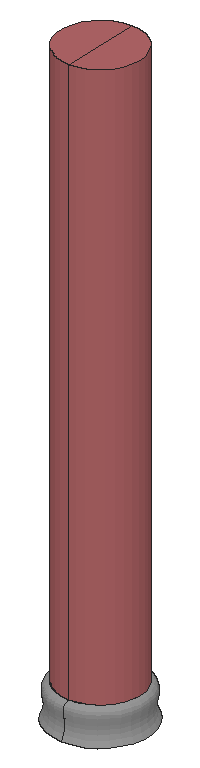
Revit family "Column 1", category 柱, Revit 2022
Family settings
  OmniClass 編號 = 23.25.30.11.14.11
  OmniClass 標題 = Columns
  載入時使用空心切割 = 否
  自動將幾何圖形接合到牆 = 是
  共用 = 否
  展示平面視圖中預先切割的族群 = 是
Parameters
  Column diameter = 400 mm
  Base diameter = 487 mm
  Base Height = 172 mm
Reference planes
  plane 1 "中心 (前/後)": y = 0
  plane 2: z = 0
  plane 3 "中心 (左/右)": x = 0
  plane 4 "左": x = -243.5
  plane 5 "右": x = 243.5
  plane 6 "後": y = 243.5
  plane 7 "前": y = -243.5
  plane 8: z = 172
  plane 9: y = 200
  plane 10: y = -200
  plane 11: x = 200
  plane 12: x = -200
Forms (mm)
  Revolve 1, solid, material "油漆(1)"
    sketch origin (-0.353, 0, 0) x (0, -1, 0) y (0, 0, 1)
      loop
        line (200, 172) -> (0, 172) -> (0, 0) -> (243.5, 0)
        spline (243.5, 0) -> (232.366, 20.921) -> (226.173, 40.678) -> (223.848, 59.26) -> (224.319, 76.657) -> (226.513, 92.86) -> (229.357, 107.859) -> (231.778, 121.643) -> (232.704, 134.203) -> (231.062, 145.529) -> (225.779, 155.61) -> (215.783, 164.437) -> (200, 172)
      axis (0, 172) -> (0, 0)
    angle from 0 to 360
  Revolve 2, solid, material "油漆"
    sketch origin (0, 0, 0) x (0, 1, 0) y (0, 0, 1)
      loop
        line (-200, 3048) -> (-200, 172) -> (0, 172) -> (0, 3048) -> (-200, 3048)
      axis (0, 172) -> (0, 3048)
    angle from 0 to 360
Dimensions and locks
  "Base diameter": plane 4 "左" to plane 5 "右"
  "Base diameter": plane 7 "前" to plane 6 "後"
  "Base Height": plane 8 to plane 2
  "Column diameter": plane 9 to plane 10
  "Column diameter": plane 12 to plane 11
  aligned and locked: level to plane 2
  aligned and locked: Revolve 1 sketch curve to plane 8
  aligned and locked: Revolve 1 sketch curve to plane 2
  aligned and locked: plane 10 to Revolve 1 sketch curve
  aligned and locked: plane 10 to Revolve 2 sketch curve
  aligned and locked: Revolve 2 to level
  aligned and locked: Revolve 2 to plane 8
  aligned and locked: Revolve 2 to Revolve 2
  aligned and locked: Revolve 1 to Revolve 2
  aligned and locked: plane 8 to Revolve 2
Automatic sketch dimensions
  Revolve 1 sketch curve to plane 1 "中心 (前/後)" = 0 mm  (x2)
  Revolve 1 sketch curve to level = 0 mm  (x2)
  Revolve 1 sketch curve to plane 7 "前" = 0 mm
  Revolve 2 sketch curve to plane 1 "中心 (前/後)" = 0 mm  (x2)
  Revolve 2 sketch curve to level = 381 mm
  Revolve 2 sketch curve to level = 2876 mm
  Revolve 2 sketch curve to level = 0 mm
  Revolve 2 sketch curve to Revolve 2 sketch curve = 5508.6 mm
